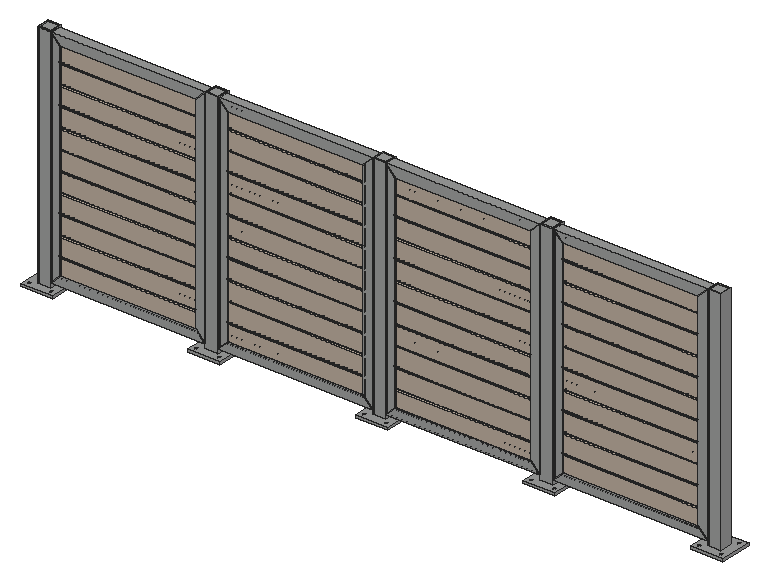
Revit family "Palmshield-Augustus-Solid-Aluminum-Array", category Specialty Equipment, Revit 2025
Family settings
  Round Connector Dimension = Use Diameter
  Part Type = Normal
  OmniClass Number = 23.55.00.00
  OmniClass Title = Manufactured Structures
  Enable Cutting in Views = No
  Cut with Voids When Loaded = No
  Maintain Annotation Orientation = No
  Shared = No
  Room Calculation Point = No
Parameters (values of type "Assembly")
  Warranty URL = "https://palmshieldlouvers.com/wp-content/uploads/2020/01/PalmSHIELD-Warranty-NO-SIGN-LINE.pdf"
  Version = "2020 - v1.0a"  # constant formula
  URL = "https://palmshieldlouvers.com/"
  Type Comments = ""
  Start Post [instance] = yes
  Product Page URL = "https://palmshieldlouvers.com/products/augustus-solid/"
  Product Documentation Link = "https://palmshieldlouvers.com/wp-content/uploads/2020/05/PalmSHIELD-Solid-Composite-Technical-Data-Sheet.pdf"
  Post Finish = Metal - PalmSHIELD - Dusty Grey
  Panel Width [instance] = if(Desired Panel Width > C Max Panel Width, C Max Panel Width, if(Desired Panel Width < C Min Panel Width, C Min Panel Width, Desired Panel Width))  # 4' - 0"
  Panel Height [instance] = if(Desired Panel Height > C Max Panel Height, C Max Panel Height, if(Desired Panel Height < C Min Panel Height, C Min Panel Height, Desired Panel Height))  # 6' - 0"
  Model = "Augustus - Aluminum"  # constant formula
  Manufacturer Phone Number = "531-329-4406 "  # constant formula
  Manufacturer Email = "mailto: info@palmshieldlouvers.com"
  Manufacturer Address = "12330 Cary Circle, La Vista, NE 68128"  # constant formula
  Manufacturer = "PalmSHIELD"  # constant formula
  Louver Finsh = Metal - PalmSHIELD - Grey Beige
  Keynote = "05 10 00"
  Instruction Sheet Link = "https://palmshieldlouvers.com/wp-content/uploads/2020/01/PalmSHIELD-Post-Panel-Gate-Installation-Instructions-REV-1.pdf"
  ID [instance] = "Not Assigned"
  Frame Finish = Metal - PalmSHIELD - Dusty Grey
  Filler Panel [instance] = yes
  End Post [instance] = yes
  Desired Panel Width [instance] = 4' - 0"
  Desired Panel Height [instance] = 6' - 0"
  Real Length [instance] = if([built-in parameter 1001306] < (C Post Width + C Min Panel Width), (C Post Width + C Min Panel Width), [built-in parameter 1001306])  # 17' - 4"
  Description = "Augustus - Aluminum - Panel Assembly"  # constant formula
  built-in parameter 1001306 [instance] = 17' - 4"
  Copyright = "Copyright ©2024 The American Fence Company and PalmSHIELD. All Rights Reserved."  # constant formula
  Component Name [instance] = "Augustus - Aluminum - Panel Assembly"  # constant formula
  C Single Post [instance] = if(C Condition Double, 1 = 1, if(and(End Post, C Condition Single), 1 = 1, 1 = 0))  # no
  C Single Panel [instance] = or(C Condition Double, C Condition Single)  # no
  C Post Width [instance] = 0' - 4"  # constant formula
  C Multiple Post [instance] = (C Condition Multiple)  # yes
  C Multiple Panels [instance] = (C Condition Multiple)  # yes
  C Min Panel Width [instance] = 4' - 0"  # constant formula
  C Min Panel Height [instance] = C Min Panel Width  # 4' - 0"
  C Max Panel Width [instance] = 6' - 0"  # constant formula
  C Max Panel Height [instance] = 8' - 0"  # constant formula
  C Filler Post [instance] = and(not(C Condition Single), Filler Panel, End Post, or(C Filler Panel Width = C Min Panel Width, C Filler Panel Width > C Min Panel Width))  # yes
  C Filler Panel Width Calculated [instance] = Real Length - C Calculated Total Length - Panel Width - C Post Width  # 4' - 0"
  C Filler Panel Width [instance] = if(C Filler Panel Width Calculated < C Min Panel Width, C Min Panel Width, if(C Filler Panel Width Calculated > C Max Panel Width, C Max Panel Width, C Filler Panel Width Calculated))  # 4' - 0"
  C Filler Panel [instance] = and(not(C Condition Single), Filler Panel, or(C Filler Panel Width = C Min Panel Width, C Filler Panel Width > C Min Panel Width))  # yes
  C Condition Single [instance] = C Array Count < 1  # no
  C Condition Multiple [instance] = C Array Count > 1  # yes
  C Condition Double [instance] = C Array Count = 1  # no
  C Complete Post [instance] = and(not(C Condition Single), not(Filler Panel), End Post)  # no
  C Complete Panel [instance] = and(not(C Condition Single), not(Filler Panel))  # no
  C Calculated Total Length [instance] = if(C Array Count < 1, 0' 0", if(C Array Count = 1, C Post Width, Panel Width * (C Array Safe - 1) + C Post Width * (C Array Safe)))  # 9' - 0"
  C Calculated Filler Panel Length [instance] = if(C Array Count < 1, 0' 0", if(or(C Array Count = 2, C Array Count = 1), C Post Width, if(Filler Panel, (C Calculated Total Length - C Post Width - C Filler Panel Width), (C Calculated Total Length - C Post Width - Panel Width))))  # 4' - 8"
  C Array Safe [instance] = if(C Array Count < 2, 2, C Array Count)  # 3
  C Array Count [instance] = if(Filler Panel, roundup(((Real Length - C Min Panel Width) / (Panel Width + C Post Width)) - 1), roundup(((Real Length - (Panel Width)) / (Panel Width + C Post Width)) - 1))  # 3
  Assembly Code = "F1020100"
Reference planes (in)
  plane 1 "Center (Front/Back)": y = 0
  plane 2: z = 0
  plane 3 "Left": x = 0
  plane 4 "Right": x = 208
  plane 5 "Top": z = 72
  plane 6: x = 48
  plane 7: x = 52
  plane 8: x = 100
  plane 9: x = 104
  plane 10: x = -4
  plane 11: x = 156
  plane 12: x = 52
  plane 13: x = 204
  plane 14: x = 204
  plane 15: x = -2
  plane 16: x = 208
  plane 17: x = 206
  plane 18: x = 206
  plane 19: x = 208
  plane 20: x = 50
  plane 21: x = 102
  plane 22: y = -2
  plane 23: y = 2
Lines and regions (in)
  reference lines
    curve 1: line (0, 0, 0) -> (208, 0, 0)
Dimensions and locks (in)
  "built-in parameter 1001306": plane 3 "Left" to plane 4 "Right"
  "Panel Width": plane 6 to plane 3 "Left"
  "C Post Width": plane 7 to plane 6
  "Panel Width": plane 8 to plane 7
  "C Post Width": plane 9 to plane 8
  "C Post Width": plane 3 "Left" to plane 10
  "C Calculated Filler Panel Length": plane 12 to plane 10
  "C Filler Panel Width": plane 13 to plane 11
  "Panel Width": plane 14 to plane 11
  "C Calculated Total Length": plane 11 to plane 6
  equal spacing: plane 10, plane 15, plane 3 "Left"
  equal spacing: plane 16, plane 17, plane 13
  "C Post Width": plane 16 to plane 13
  equal spacing: plane 19, plane 18, plane 14
  "C Post Width": plane 19 to plane 14
  equal spacing: plane 9, plane 21, plane 8
  equal spacing: plane 7, plane 20, plane 6
  equal spacing: plane 22, plane 1 "Center (Front/Back)", plane 23
  "C Post Width": plane 22 to plane 23
  equal spacing: group 1, group 2, group 5  (x3)
  equal spacing: group 3, group 4, group 6  (x3)
  "Panel Height": plane 5 "Top" to level
  aligned and locked: plane 4 "Right" to curve 1
  aligned and locked: plane 1 "Center (Front/Back)" to curve 1
  aligned and locked: plane 3 "Left" to curve 1
  aligned and locked: level to plane 2
  aligned and locked: plane 15 to nested 1
  aligned and locked: nested 1 to plane 1 "Center (Front/Back)"
  aligned and locked: plane 3 "Left" to nested 2
  aligned and locked: nested 3 to plane 13
  aligned and locked: nested 4 to plane 14
  aligned and locked: plane 1 "Center (Front/Back)" to nested 6
  aligned and locked: plane 1 "Center (Front/Back)" to nested 5
  aligned and locked: plane 1 "Center (Front/Back)" to nested 8
  aligned and locked: plane 1 "Center (Front/Back)" to nested 9
  aligned and locked: plane 17 to nested 6
  aligned and locked: plane 18 to nested 5
  aligned and locked: plane 20 to nested 8
  aligned and locked: plane 3 "Left" to nested 7
  aligned and locked: nested 7 to plane 22
  aligned and locked: plane 22 to nested 4
  aligned and locked: plane 22 to nested 3
  aligned and locked: nested 2 to plane 22
  aligned and locked: plane 20 to nested 9
  aligned and locked: plane 22 to nested 10
  aligned and locked: plane 7 to nested 10
  aligned and locked: plane 21 to nested 11
  aligned and locked: plane 1 "Center (Front/Back)" to nested 11
Nested families (in)
  nested 1: "Screening-Louver-Assembly-Post-Palmshield-Augustus-Aluminum" at (-2, 0, 0), Desired Overall Height <- "Panel Height", visible <- "Start Post", Component Vis <- "Start Post", ID <- "ID", type "Assembly"
    with ID "Not Assigned", Height 6' - 0", Desired Overall Height 6' - 0", Component Vis yes, Component Name "Augustus - Aluminum - Square Post", C Min Height 3' - 4", C Max Height 8' - 0"
  nested 2: "Screening-Louver-Assembly-Panel-Palmshield-Augustus-Aluminum" at (0, -2, 0), Desired Overall Height <- "Panel Height", Desired Overall Width <- "Panel Width", visible <- "C Single Panel", Component Vis <- "C Single Panel", ID <- "ID", type "Assembly"
    with Width 4' - 0", ID "Not Assigned", Height 6' - 0", Desired Overall Width 4' - 0", Desired Overall Height 6' - 0", Desired Bottom Angle 0.00°, Component Vis no, Component Name "Augustus - Aluminum - Panel Assembly", C Min Width 4' - 0", C Min Height 4' - 0", C Max Width 6' - 0", C Max Height 8' - 0", C Angle 0.00°
  nested 3: "Screening-Louver-Assembly-Panel-Palmshield-Augustus-Aluminum" at (156, -2, 0), Desired Overall Height <- "Panel Height", Desired Overall Width <- "C Filler Panel Width", visible <- "C Filler Panel", Component Vis <- "C Filler Panel", ID <- "ID", type "Assembly"
    with Width 4' - 0", ID "Not Assigned", Height 6' - 0", Desired Overall Width 4' - 0", Desired Overall Height 6' - 0", Desired Bottom Angle 0.00°, Component Vis yes, Component Name "Augustus - Aluminum - Panel Assembly", C Min Width 4' - 0", C Min Height 4' - 0", C Max Width 6' - 0", C Max Height 8' - 0", C Angle 0.00°
  nested 4: "Screening-Louver-Assembly-Panel-Palmshield-Augustus-Aluminum" at (156, -2, 0), Desired Overall Height <- "Panel Height", Desired Overall Width <- "Panel Width", visible <- "C Complete Panel", Component Vis <- "C Complete Panel", ID <- "ID", type "Assembly"
    with Width 4' - 0", ID "Not Assigned", Height 6' - 0", Desired Overall Width 4' - 0", Desired Overall Height 6' - 0", Desired Bottom Angle 0.00°, Component Vis no, Component Name "Augustus - Aluminum - Panel Assembly", C Min Width 4' - 0", C Min Height 4' - 0", C Max Width 6' - 0", C Max Height 8' - 0", C Angle 0.00°
  nested 5: "Screening-Louver-Assembly-Post-Palmshield-Augustus-Aluminum" at (206, 0, 0), Desired Overall Height <- "Panel Height", visible <- "C Complete Post", Component Vis <- "C Complete Post", ID <- "ID", type "Assembly"
    with ID "Not Assigned", Height 6' - 0", Desired Overall Height 6' - 0", Component Vis no, Component Name "Augustus - Aluminum - Square Post", C Min Height 3' - 4", C Max Height 8' - 0"
  nested 6: "Screening-Louver-Assembly-Post-Palmshield-Augustus-Aluminum" at (206, 0, 0), Desired Overall Height <- "Panel Height", visible <- "C Filler Post", Component Vis <- "C Filler Post", ID <- "ID", type "Assembly"
    with ID "Not Assigned", Height 6' - 0", Desired Overall Height 6' - 0", Component Vis yes, Component Name "Augustus - Aluminum - Square Post", C Min Height 3' - 4", C Max Height 8' - 0"
  nested 7: "Screening-Louver-Assembly-Panel-Palmshield-Augustus-Aluminum" at (0, -2, 0), Desired Overall Height <- "Panel Height", Desired Overall Width <- "Panel Width", visible <- "C Multiple Panels", Component Vis <- "C Multiple Panels", ID <- "ID", type "Assembly"
    with Width 4' - 0", ID "Not Assigned", Height 6' - 0", Desired Overall Width 4' - 0", Desired Overall Height 6' - 0", Desired Bottom Angle 0.00°, Component Vis yes, Component Name "Augustus - Aluminum - Panel Assembly", C Min Width 4' - 0", C Min Height 4' - 0", C Max Width 6' - 0", C Max Height 8' - 0", C Angle 0.00°
  nested 8: "Screening-Louver-Assembly-Post-Palmshield-Augustus-Aluminum" at (50, 0, 0), Desired Overall Height <- "Panel Height", visible <- "C Multiple Post", Component Vis <- "C Multiple Post", ID <- "ID", type "Assembly"
    with ID "Not Assigned", Height 6' - 0", Desired Overall Height 6' - 0", Component Vis yes, Component Name "Augustus - Aluminum - Square Post", C Min Height 3' - 4", C Max Height 8' - 0"
  nested 9: "Screening-Louver-Assembly-Post-Palmshield-Augustus-Aluminum" at (50, 0, 0), Desired Overall Height <- "Panel Height", visible <- "C Single Post", Component Vis <- "C Single Post", ID <- "ID", type "Assembly"
    with ID "Not Assigned", Height 6' - 0", Desired Overall Height 6' - 0", Component Vis no, Component Name "Augustus - Aluminum - Square Post", C Min Height 3' - 4", C Max Height 8' - 0"
  nested 10: "Screening-Louver-Assembly-Panel-Palmshield-Augustus-Aluminum" at (52, -2, 0), Desired Overall Height <- "Panel Height", Desired Overall Width <- "Panel Width", visible <- "C Multiple Panels", Component Vis <- "C Multiple Panels", ID <- "ID", type "Assembly"
    with Width 4' - 0", ID "Not Assigned", Height 6' - 0", Desired Overall Width 4' - 0", Desired Overall Height 6' - 0", Desired Bottom Angle 0.00°, Component Vis yes, Component Name "Augustus - Aluminum - Panel Assembly", C Min Width 4' - 0", C Min Height 4' - 0", C Max Width 6' - 0", C Max Height 8' - 0", C Angle 0.00°
  nested 11: "Screening-Louver-Assembly-Post-Palmshield-Augustus-Aluminum" at (102, 0, 0), Desired Overall Height <- "Panel Height", visible <- "C Multiple Post", Component Vis <- "C Multiple Post", ID <- "ID", type "Assembly"
    with ID "Not Assigned", Height 6' - 0", Desired Overall Height 6' - 0", Component Vis yes, Component Name "Augustus - Aluminum - Square Post", C Min Height 3' - 4", C Max Height 8' - 0"
  nested 12: "Nested-L_Frame-Palmshield-Augustus" at (52, -2, 72) x (0, 1, 0) z (1, 0, 0), type "ALUM L 3" X 3" X 1/4""
    with Material Metal - PalmSHIELD - Dusty Grey, Length 5' - 10", ID "Not Assigned", Component Name "Augustus - Aluminum - L Frame", B-Side Cut Angle 45.00°, A-Side Cut Angle 45.00°
  nested 13: "Nested-L_Frame-Palmshield-Augustus" at (100, -2, 2) x (0, 1, 0) z (-1, 0, 0), type "ALUM L 3" X 3" X 1/4""
    with Material Metal - PalmSHIELD - Dusty Grey, Length 5' - 10", ID "Not Assigned", Component Name "Augustus - Aluminum - L Frame", B-Side Cut Angle 45.00°, A-Side Cut Angle 45.00°
  nested 14: "Nested-L_Frame-Palmshield-Augustus" at (100, -2, 72) x (0, 1, 0) z (0, 0, -1), type "ALUM L 3" X 3" X 1/4""
    with Material Metal - PalmSHIELD - Dusty Grey, Length 4' - 0", ID "Not Assigned", Component Name "Augustus - Aluminum - L Frame", B-Side Cut Angle 45.00°, A-Side Cut Angle 45.00°
  nested 15: "Nested-L_Frame-Palmshield-Augustus" at (52, -2, 2) x (0, 1, 0) z (0, 0, 1), type "ALUM L 3" X 3" X 1/4""
    with Material Metal - PalmSHIELD - Dusty Grey, Length 4' - 0", ID "Not Assigned", Component Name "Augustus - Aluminum - L Frame", B-Side Cut Angle 45.00°, A-Side Cut Angle 45.00°
  nested 16: "Nested-Louvers-Palmshield-Augustus-Aluminum" at (54.5, -0.812, 10.25) x (0, -1, 0) z (1, 0, 0), type "6" TONGUE AND GROOVE INFILL SLATS"
    with Material Metal - PalmSHIELD - Grey Beige, Length 3' - 7", ID "Not Assigned", Component Name "Augustus - Aluminum - Infill Slat"
  nested 17: "Nested-Louvers-Palmshield-Augustus-Aluminum" at (54.5, -0.812, 28.25) x (0, -1, 0) z (1, 0, 0), type "6" TONGUE AND GROOVE INFILL SLATS"
    with Material Metal - PalmSHIELD - Grey Beige, Length 3' - 7", ID "Not Assigned", Component Name "Augustus - Aluminum - Infill Slat"
  nested 18: "Nested-Louvers-Palmshield-Augustus-Aluminum" at (54.5, -0.812, 34.25) x (0, -1, 0) z (1, 0, 0), type "6" TONGUE AND GROOVE INFILL SLATS"
    with Material Metal - PalmSHIELD - Grey Beige, Length 3' - 7", ID "Not Assigned", Component Name "Augustus - Aluminum - Infill Slat"
  nested 19: "Nested-Louvers-Palmshield-Augustus-Aluminum" at (54.5, -0.812, 40.25) x (0, -1, 0) z (1, 0, 0), type "6" TONGUE AND GROOVE INFILL SLATS"
    with Material Metal - PalmSHIELD - Grey Beige, Length 3' - 7", ID "Not Assigned", Component Name "Augustus - Aluminum - Infill Slat"
  nested 20: "Nested-Louvers-Palmshield-Augustus-Aluminum" at (54.5, -0.812, 46.25) x (0, -1, 0) z (1, 0, 0), type "6" TONGUE AND GROOVE INFILL SLATS"
    with Material Metal - PalmSHIELD - Grey Beige, Length 3' - 7", ID "Not Assigned", Component Name "Augustus - Aluminum - Infill Slat"
  nested 21: "Nested-Louvers-Palmshield-Augustus-Aluminum" at (54.5, -0.812, 52.25) x (0, -1, 0) z (1, 0, 0), type "6" TONGUE AND GROOVE INFILL SLATS"
    with Material Metal - PalmSHIELD - Grey Beige, Length 3' - 7", ID "Not Assigned", Component Name "Augustus - Aluminum - Infill Slat"
  nested 22: "Nested-Louvers-Palmshield-Augustus-Aluminum" at (54.5, -0.812, 58.25) x (0, -1, 0) z (1, 0, 0), type "6" TONGUE AND GROOVE INFILL SLATS"
    with Material Metal - PalmSHIELD - Grey Beige, Length 3' - 7", ID "Not Assigned", Component Name "Augustus - Aluminum - Infill Slat"
  nested 23: "Nested-Louvers-Palmshield-Augustus-Aluminum" at (54.5, -0.812, 64.25) x (0, -1, 0) z (1, 0, 0), type "6" TONGUE AND GROOVE INFILL SLATS"
    with Material Metal - PalmSHIELD - Grey Beige, Length 3' - 7", ID "Not Assigned", Component Name "Augustus - Aluminum - Infill Slat"
  nested 24: "Nested-Louvers-Palmshield-Augustus-Aluminum" at (54.5, -0.812, 70.25) x (0, -1, 0) z (1, 0, 0), type "6" TONGUE AND GROOVE INFILL SLATS"
    with Material Metal - PalmSHIELD - Grey Beige, Length 3' - 7", ID "Not Assigned", Component Name "Augustus - Aluminum - Infill Slat"
  nested 25: "Nested-Louvers-Palmshield-Augustus-Aluminum" at (54.5, -0.812, 16.25) x (0, -1, 0) z (1, 0, 0), type "6" TONGUE AND GROOVE INFILL SLATS"
    with Material Metal - PalmSHIELD - Grey Beige, Length 3' - 7", ID "Not Assigned", Component Name "Augustus - Aluminum - Infill Slat"
  nested 26: "Nested-Louvers-Palmshield-Augustus-Aluminum" at (54.5, -0.812, 22.25) x (0, -1, 0) z (1, 0, 0), type "6" TONGUE AND GROOVE INFILL SLATS"
    with Material Metal - PalmSHIELD - Grey Beige, Length 3' - 7", ID "Not Assigned", Component Name "Augustus - Aluminum - Infill Slat"
  nested 27: "Nested-Base_Plate-Palmshield-Augustus" at (102, 0, 0), type "10" x 10" x 3/4""
    with Material Metal - PalmSHIELD - Dusty Grey, ID "Not Assigned", Component Name "Augustus - Aluminum - Base Plate"
  nested 28: "Nested-Square_Post-Palmshield-Augustus" at (102, 0, 0.75), type "4" x 4" x 1/4""
    with Material Metal - PalmSHIELD - Dusty Grey, Length 5' - 11 1/4", ID "Not Assigned", Component Name "Augustus - Aluminum - Post"
  nested 29: "Nested-Top_Cap-Palmshield-Augustus" at (102, 0, 72) x (1, 0, 0) z (0, 0, -1), type "4" x 4" x 1/4""
    with Material Metal - PalmSHIELD - Dusty Grey, ID "Not Assigned", Component Name "Augustus - Aluminum - Top Cap"
  nested 30: "Nested-Base_Plate-Palmshield-Augustus" at (50, 0, 0), type "10" x 10" x 3/4""
    with Material Metal - PalmSHIELD - Dusty Grey, ID "Not Assigned", Component Name "Augustus - Aluminum - Base Plate"
  nested 31: "Nested-Square_Post-Palmshield-Augustus" at (50, 0, 0.75), type "4" x 4" x 1/4""
    with Material Metal - PalmSHIELD - Dusty Grey, Length 5' - 11 1/4", ID "Not Assigned", Component Name "Augustus - Aluminum - Post"
  nested 32: "Nested-Top_Cap-Palmshield-Augustus" at (50, 0, 72) x (1, 0, 0) z (0, 0, -1), type "4" x 4" x 1/4""
    with Material Metal - PalmSHIELD - Dusty Grey, ID "Not Assigned", Component Name "Augustus - Aluminum - Top Cap"
  nested 33: "Nested-L_Frame-Palmshield-Augustus" at (0, -2, 72) x (0, 1, 0) z (1, 0, 0), type "ALUM L 3" X 3" X 1/4""
    with Material Metal - PalmSHIELD - Dusty Grey, Length 5' - 10", ID "Not Assigned", Component Name "Augustus - Aluminum - L Frame", B-Side Cut Angle 45.00°, A-Side Cut Angle 45.00°
  nested 34: "Nested-L_Frame-Palmshield-Augustus" at (48, -2, 2) x (0, 1, 0) z (-1, 0, 0), type "ALUM L 3" X 3" X 1/4""
    with Material Metal - PalmSHIELD - Dusty Grey, Length 5' - 10", ID "Not Assigned", Component Name "Augustus - Aluminum - L Frame", B-Side Cut Angle 45.00°, A-Side Cut Angle 45.00°
  nested 35: "Nested-L_Frame-Palmshield-Augustus" at (48, -2, 72) x (0, 1, 0) z (0, 0, -1), type "ALUM L 3" X 3" X 1/4""
    with Material Metal - PalmSHIELD - Dusty Grey, Length 4' - 0", ID "Not Assigned", Component Name "Augustus - Aluminum - L Frame", B-Side Cut Angle 45.00°, A-Side Cut Angle 45.00°
  nested 36: "Nested-L_Frame-Palmshield-Augustus" at (0, -2, 2) x (0, 1, 0) z (0, 0, 1), type "ALUM L 3" X 3" X 1/4""
    with Material Metal - PalmSHIELD - Dusty Grey, Length 4' - 0", ID "Not Assigned", Component Name "Augustus - Aluminum - L Frame", B-Side Cut Angle 45.00°, A-Side Cut Angle 45.00°
  nested 37: "Nested-Louvers-Palmshield-Augustus-Aluminum" at (2.5, -0.812, 10.25) x (0, -1, 0) z (1, 0, 0), type "6" TONGUE AND GROOVE INFILL SLATS"
    with Material Metal - PalmSHIELD - Grey Beige, Length 3' - 7", ID "Not Assigned", Component Name "Augustus - Aluminum - Infill Slat"
  nested 38: "Nested-Louvers-Palmshield-Augustus-Aluminum" at (2.5, -0.812, 28.25) x (0, -1, 0) z (1, 0, 0), type "6" TONGUE AND GROOVE INFILL SLATS"
    with Material Metal - PalmSHIELD - Grey Beige, Length 3' - 7", ID "Not Assigned", Component Name "Augustus - Aluminum - Infill Slat"
  nested 39: "Nested-Louvers-Palmshield-Augustus-Aluminum" at (2.5, -0.812, 34.25) x (0, -1, 0) z (1, 0, 0), type "6" TONGUE AND GROOVE INFILL SLATS"
    with Material Metal - PalmSHIELD - Grey Beige, Length 3' - 7", ID "Not Assigned", Component Name "Augustus - Aluminum - Infill Slat"
  nested 40: "Nested-Louvers-Palmshield-Augustus-Aluminum" at (2.5, -0.812, 40.25) x (0, -1, 0) z (1, 0, 0), type "6" TONGUE AND GROOVE INFILL SLATS"
    with Material Metal - PalmSHIELD - Grey Beige, Length 3' - 7", ID "Not Assigned", Component Name "Augustus - Aluminum - Infill Slat"
  nested 41: "Nested-Louvers-Palmshield-Augustus-Aluminum" at (2.5, -0.812, 46.25) x (0, -1, 0) z (1, 0, 0), type "6" TONGUE AND GROOVE INFILL SLATS"
    with Material Metal - PalmSHIELD - Grey Beige, Length 3' - 7", ID "Not Assigned", Component Name "Augustus - Aluminum - Infill Slat"
  nested 42: "Nested-Louvers-Palmshield-Augustus-Aluminum" at (2.5, -0.812, 52.25) x (0, -1, 0) z (1, 0, 0), type "6" TONGUE AND GROOVE INFILL SLATS"
    with Material Metal - PalmSHIELD - Grey Beige, Length 3' - 7", ID "Not Assigned", Component Name "Augustus - Aluminum - Infill Slat"
  nested 43: "Nested-Louvers-Palmshield-Augustus-Aluminum" at (2.5, -0.812, 58.25) x (0, -1, 0) z (1, 0, 0), type "6" TONGUE AND GROOVE INFILL SLATS"
    with Material Metal - PalmSHIELD - Grey Beige, Length 3' - 7", ID "Not Assigned", Component Name "Augustus - Aluminum - Infill Slat"
  nested 44: "Nested-Louvers-Palmshield-Augustus-Aluminum" at (2.5, -0.812, 64.25) x (0, -1, 0) z (1, 0, 0), type "6" TONGUE AND GROOVE INFILL SLATS"
    with Material Metal - PalmSHIELD - Grey Beige, Length 3' - 7", ID "Not Assigned", Component Name "Augustus - Aluminum - Infill Slat"
  nested 45: "Nested-Louvers-Palmshield-Augustus-Aluminum" at (2.5, -0.812, 70.25) x (0, -1, 0) z (1, 0, 0), type "6" TONGUE AND GROOVE INFILL SLATS"
    with Material Metal - PalmSHIELD - Grey Beige, Length 3' - 7", ID "Not Assigned", Component Name "Augustus - Aluminum - Infill Slat"
  nested 46: "Nested-Louvers-Palmshield-Augustus-Aluminum" at (2.5, -0.812, 16.25) x (0, -1, 0) z (1, 0, 0), type "6" TONGUE AND GROOVE INFILL SLATS"
    with Material Metal - PalmSHIELD - Grey Beige, Length 3' - 7", ID "Not Assigned", Component Name "Augustus - Aluminum - Infill Slat"
  nested 47: "Nested-Louvers-Palmshield-Augustus-Aluminum" at (2.5, -0.812, 22.25) x (0, -1, 0) z (1, 0, 0), type "6" TONGUE AND GROOVE INFILL SLATS"
    with Material Metal - PalmSHIELD - Grey Beige, Length 3' - 7", ID "Not Assigned", Component Name "Augustus - Aluminum - Infill Slat"
  nested 48: "Screening-Louver-Assembly-Panel-Palmshield-Augustus-Aluminum" at (104, -2, 0), Desired Overall Height <- "Panel Height", Desired Overall Width <- "Panel Width", visible <- "C Multiple Panels", Component Vis <- "C Multiple Panels", ID <- "ID", type "Assembly"
    with Width 4' - 0", ID "Not Assigned", Height 6' - 0", Desired Overall Width 4' - 0", Desired Overall Height 6' - 0", Desired Bottom Angle 0.00°, Component Vis yes, Component Name "Augustus - Aluminum - Panel Assembly", C Min Width 4' - 0", C Min Height 4' - 0", C Max Width 6' - 0", C Max Height 8' - 0", C Angle 0.00°
  nested 49: "Nested-L_Frame-Palmshield-Augustus" at (104, -2, 72) x (0, 1, 0) z (1, 0, 0), type "ALUM L 3" X 3" X 1/4""
    with Material Metal - PalmSHIELD - Dusty Grey, Length 5' - 10", ID "Not Assigned", Component Name "Augustus - Aluminum - L Frame", B-Side Cut Angle 45.00°, A-Side Cut Angle 45.00°
  nested 50: "Nested-L_Frame-Palmshield-Augustus" at (152, -2, 2) x (0, 1, 0) z (-1, 0, 0), type "ALUM L 3" X 3" X 1/4""
    with Material Metal - PalmSHIELD - Dusty Grey, Length 5' - 10", ID "Not Assigned", Component Name "Augustus - Aluminum - L Frame", B-Side Cut Angle 45.00°, A-Side Cut Angle 45.00°
  nested 51: "Nested-L_Frame-Palmshield-Augustus" at (152, -2, 72) x (0, 1, 0) z (0, 0, -1), type "ALUM L 3" X 3" X 1/4""
    with Material Metal - PalmSHIELD - Dusty Grey, Length 4' - 0", ID "Not Assigned", Component Name "Augustus - Aluminum - L Frame", B-Side Cut Angle 45.00°, A-Side Cut Angle 45.00°
  nested 52: "Nested-L_Frame-Palmshield-Augustus" at (104, -2, 2) x (0, 1, 0) z (0, 0, 1), type "ALUM L 3" X 3" X 1/4""
    with Material Metal - PalmSHIELD - Dusty Grey, Length 4' - 0", ID "Not Assigned", Component Name "Augustus - Aluminum - L Frame", B-Side Cut Angle 45.00°, A-Side Cut Angle 45.00°
  nested 53: "Nested-Louvers-Palmshield-Augustus-Aluminum" at (106.5, -0.812, 10.25) x (0, -1, 0) z (1, 0, 0), type "6" TONGUE AND GROOVE INFILL SLATS"
    with Material Metal - PalmSHIELD - Grey Beige, Length 3' - 7", ID "Not Assigned", Component Name "Augustus - Aluminum - Infill Slat"
  nested 54: "Nested-Louvers-Palmshield-Augustus-Aluminum" at (106.5, -0.812, 28.25) x (0, -1, 0) z (1, 0, 0), type "6" TONGUE AND GROOVE INFILL SLATS"
    with Material Metal - PalmSHIELD - Grey Beige, Length 3' - 7", ID "Not Assigned", Component Name "Augustus - Aluminum - Infill Slat"
  nested 55: "Nested-Louvers-Palmshield-Augustus-Aluminum" at (106.5, -0.812, 34.25) x (0, -1, 0) z (1, 0, 0), type "6" TONGUE AND GROOVE INFILL SLATS"
    with Material Metal - PalmSHIELD - Grey Beige, Length 3' - 7", ID "Not Assigned", Component Name "Augustus - Aluminum - Infill Slat"
  nested 56: "Nested-Louvers-Palmshield-Augustus-Aluminum" at (106.5, -0.812, 40.25) x (0, -1, 0) z (1, 0, 0), type "6" TONGUE AND GROOVE INFILL SLATS"
    with Material Metal - PalmSHIELD - Grey Beige, Length 3' - 7", ID "Not Assigned", Component Name "Augustus - Aluminum - Infill Slat"
  nested 57: "Nested-Louvers-Palmshield-Augustus-Aluminum" at (106.5, -0.812, 46.25) x (0, -1, 0) z (1, 0, 0), type "6" TONGUE AND GROOVE INFILL SLATS"
    with Material Metal - PalmSHIELD - Grey Beige, Length 3' - 7", ID "Not Assigned", Component Name "Augustus - Aluminum - Infill Slat"
  nested 58: "Nested-Louvers-Palmshield-Augustus-Aluminum" at (106.5, -0.812, 52.25) x (0, -1, 0) z (1, 0, 0), type "6" TONGUE AND GROOVE INFILL SLATS"
    with Material Metal - PalmSHIELD - Grey Beige, Length 3' - 7", ID "Not Assigned", Component Name "Augustus - Aluminum - Infill Slat"
  nested 59: "Nested-Louvers-Palmshield-Augustus-Aluminum" at (106.5, -0.812, 58.25) x (0, -1, 0) z (1, 0, 0), type "6" TONGUE AND GROOVE INFILL SLATS"
    with Material Metal - PalmSHIELD - Grey Beige, Length 3' - 7", ID "Not Assigned", Component Name "Augustus - Aluminum - Infill Slat"
  nested 60: "Nested-Louvers-Palmshield-Augustus-Aluminum" at (106.5, -0.812, 64.25) x (0, -1, 0) z (1, 0, 0), type "6" TONGUE AND GROOVE INFILL SLATS"
    with Material Metal - PalmSHIELD - Grey Beige, Length 3' - 7", ID "Not Assigned", Component Name "Augustus - Aluminum - Infill Slat"
  nested 61: "Nested-Louvers-Palmshield-Augustus-Aluminum" at (106.5, -0.812, 70.25) x (0, -1, 0) z (1, 0, 0), type "6" TONGUE AND GROOVE INFILL SLATS"
    with Material Metal - PalmSHIELD - Grey Beige, Length 3' - 7", ID "Not Assigned", Component Name "Augustus - Aluminum - Infill Slat"
  nested 62: "Nested-Louvers-Palmshield-Augustus-Aluminum" at (106.5, -0.812, 16.25) x (0, -1, 0) z (1, 0, 0), type "6" TONGUE AND GROOVE INFILL SLATS"
    with Material Metal - PalmSHIELD - Grey Beige, Length 3' - 7", ID "Not Assigned", Component Name "Augustus - Aluminum - Infill Slat"
  nested 63: "Nested-Louvers-Palmshield-Augustus-Aluminum" at (106.5, -0.812, 22.25) x (0, -1, 0) z (1, 0, 0), type "6" TONGUE AND GROOVE INFILL SLATS"
    with Material Metal - PalmSHIELD - Grey Beige, Length 3' - 7", ID "Not Assigned", Component Name "Augustus - Aluminum - Infill Slat"
  nested 64: "Screening-Louver-Assembly-Post-Palmshield-Augustus-Aluminum" at (154, 0, 0), Desired Overall Height <- "Panel Height", visible <- "C Multiple Post", Component Vis <- "C Multiple Post", ID <- "ID", type "Assembly"
    with ID "Not Assigned", Height 6' - 0", Desired Overall Height 6' - 0", Component Vis yes, Component Name "Augustus - Aluminum - Square Post", C Min Height 3' - 4", C Max Height 8' - 0"
  nested 65: "Nested-Base_Plate-Palmshield-Augustus" at (154, 0, 0), type "10" x 10" x 3/4""
    with Material Metal - PalmSHIELD - Dusty Grey, ID "Not Assigned", Component Name "Augustus - Aluminum - Base Plate"
  nested 66: "Nested-Square_Post-Palmshield-Augustus" at (154, 0, 0.75), type "4" x 4" x 1/4""
    with Material Metal - PalmSHIELD - Dusty Grey, Length 5' - 11 1/4", ID "Not Assigned", Component Name "Augustus - Aluminum - Post"
  nested 67: "Nested-Top_Cap-Palmshield-Augustus" at (154, 0, 72) x (1, 0, 0) z (0, 0, -1), type "4" x 4" x 1/4""
    with Material Metal - PalmSHIELD - Dusty Grey, ID "Not Assigned", Component Name "Augustus - Aluminum - Top Cap"
  nested 68: "Nested-L_Frame-Palmshield-Augustus" at (156, -2, 72) x (0, 1, 0) z (1, 0, 0), type "ALUM L 3" X 3" X 1/4""
    with Material Metal - PalmSHIELD - Dusty Grey, Length 5' - 10", ID "Not Assigned", Component Name "Augustus - Aluminum - L Frame", B-Side Cut Angle 45.00°, A-Side Cut Angle 45.00°
  nested 69: "Nested-L_Frame-Palmshield-Augustus" at (204, -2, 2) x (0, 1, 0) z (-1, 0, 0), type "ALUM L 3" X 3" X 1/4""
    with Material Metal - PalmSHIELD - Dusty Grey, Length 5' - 10", ID "Not Assigned", Component Name "Augustus - Aluminum - L Frame", B-Side Cut Angle 45.00°, A-Side Cut Angle 45.00°
  nested 70: "Nested-L_Frame-Palmshield-Augustus" at (204, -2, 72) x (0, 1, 0) z (0, 0, -1), type "ALUM L 3" X 3" X 1/4""
    with Material Metal - PalmSHIELD - Dusty Grey, Length 4' - 0", ID "Not Assigned", Component Name "Augustus - Aluminum - L Frame", B-Side Cut Angle 45.00°, A-Side Cut Angle 45.00°
  nested 71: "Nested-L_Frame-Palmshield-Augustus" at (156, -2, 2) x (0, 1, 0) z (0, 0, 1), type "ALUM L 3" X 3" X 1/4""
    with Material Metal - PalmSHIELD - Dusty Grey, Length 4' - 0", ID "Not Assigned", Component Name "Augustus - Aluminum - L Frame", B-Side Cut Angle 45.00°, A-Side Cut Angle 45.00°
  nested 72: "Nested-Louvers-Palmshield-Augustus-Aluminum" at (158.5, -0.812, 10.25) x (0, -1, 0) z (1, 0, 0), type "6" TONGUE AND GROOVE INFILL SLATS"
    with Material Metal - PalmSHIELD - Grey Beige, Length 3' - 7", ID "Not Assigned", Component Name "Augustus - Aluminum - Infill Slat"
  nested 73: "Nested-Louvers-Palmshield-Augustus-Aluminum" at (158.5, -0.812, 28.25) x (0, -1, 0) z (1, 0, 0), type "6" TONGUE AND GROOVE INFILL SLATS"
    with Material Metal - PalmSHIELD - Grey Beige, Length 3' - 7", ID "Not Assigned", Component Name "Augustus - Aluminum - Infill Slat"
  nested 74: "Nested-Louvers-Palmshield-Augustus-Aluminum" at (158.5, -0.812, 34.25) x (0, -1, 0) z (1, 0, 0), type "6" TONGUE AND GROOVE INFILL SLATS"
    with Material Metal - PalmSHIELD - Grey Beige, Length 3' - 7", ID "Not Assigned", Component Name "Augustus - Aluminum - Infill Slat"
  nested 75: "Nested-Louvers-Palmshield-Augustus-Aluminum" at (158.5, -0.812, 40.25) x (0, -1, 0) z (1, 0, 0), type "6" TONGUE AND GROOVE INFILL SLATS"
    with Material Metal - PalmSHIELD - Grey Beige, Length 3' - 7", ID "Not Assigned", Component Name "Augustus - Aluminum - Infill Slat"
  nested 76: "Nested-Louvers-Palmshield-Augustus-Aluminum" at (158.5, -0.812, 46.25) x (0, -1, 0) z (1, 0, 0), type "6" TONGUE AND GROOVE INFILL SLATS"
    with Material Metal - PalmSHIELD - Grey Beige, Length 3' - 7", ID "Not Assigned", Component Name "Augustus - Aluminum - Infill Slat"
  nested 77: "Nested-Louvers-Palmshield-Augustus-Aluminum" at (158.5, -0.812, 52.25) x (0, -1, 0) z (1, 0, 0), type "6" TONGUE AND GROOVE INFILL SLATS"
    with Material Metal - PalmSHIELD - Grey Beige, Length 3' - 7", ID "Not Assigned", Component Name "Augustus - Aluminum - Infill Slat"
  nested 78: "Nested-Louvers-Palmshield-Augustus-Aluminum" at (158.5, -0.812, 58.25) x (0, -1, 0) z (1, 0, 0), type "6" TONGUE AND GROOVE INFILL SLATS"
    with Material Metal - PalmSHIELD - Grey Beige, Length 3' - 7", ID "Not Assigned", Component Name "Augustus - Aluminum - Infill Slat"
  nested 79: "Nested-Louvers-Palmshield-Augustus-Aluminum" at (158.5, -0.812, 64.25) x (0, -1, 0) z (1, 0, 0), type "6" TONGUE AND GROOVE INFILL SLATS"
    with Material Metal - PalmSHIELD - Grey Beige, Length 3' - 7", ID "Not Assigned", Component Name "Augustus - Aluminum - Infill Slat"
  nested 80: "Nested-Louvers-Palmshield-Augustus-Aluminum" at (158.5, -0.812, 70.25) x (0, -1, 0) z (1, 0, 0), type "6" TONGUE AND GROOVE INFILL SLATS"
    with Material Metal - PalmSHIELD - Grey Beige, Length 3' - 7", ID "Not Assigned", Component Name "Augustus - Aluminum - Infill Slat"
  nested 81: "Nested-Louvers-Palmshield-Augustus-Aluminum" at (158.5, -0.812, 16.25) x (0, -1, 0) z (1, 0, 0), type "6" TONGUE AND GROOVE INFILL SLATS"
    with Material Metal - PalmSHIELD - Grey Beige, Length 3' - 7", ID "Not Assigned", Component Name "Augustus - Aluminum - Infill Slat"
  nested 82: "Nested-Louvers-Palmshield-Augustus-Aluminum" at (158.5, -0.812, 22.25) x (0, -1, 0) z (1, 0, 0), type "6" TONGUE AND GROOVE INFILL SLATS"
    with Material Metal - PalmSHIELD - Grey Beige, Length 3' - 7", ID "Not Assigned", Component Name "Augustus - Aluminum - Infill Slat"
  nested 83: "Nested-Base_Plate-Palmshield-Augustus" at (206, 0, 0), type "10" x 10" x 3/4""
    with Material Metal - PalmSHIELD - Dusty Grey, ID "Not Assigned", Component Name "Augustus - Aluminum - Base Plate"
  nested 84: "Nested-Square_Post-Palmshield-Augustus" at (206, 0, 0.75), type "4" x 4" x 1/4""
    with Material Metal - PalmSHIELD - Dusty Grey, Length 5' - 11 1/4", ID "Not Assigned", Component Name "Augustus - Aluminum - Post"
  nested 85: "Nested-Top_Cap-Palmshield-Augustus" at (206, 0, 72) x (1, 0, 0) z (0, 0, -1), type "4" x 4" x 1/4""
    with Material Metal - PalmSHIELD - Dusty Grey, ID "Not Assigned", Component Name "Augustus - Aluminum - Top Cap"
  nested 86: "Nested-Base_Plate-Palmshield-Augustus" at (-2, 0, 0), type "10" x 10" x 3/4""
    with Material Metal - PalmSHIELD - Dusty Grey, ID "Not Assigned", Component Name "Augustus - Aluminum - Base Plate"
  nested 87: "Nested-Square_Post-Palmshield-Augustus" at (-2, 0, 0.75), type "4" x 4" x 1/4""
    with Material Metal - PalmSHIELD - Dusty Grey, Length 5' - 11 1/4", ID "Not Assigned", Component Name "Augustus - Aluminum - Post"
  nested 88: "Nested-Top_Cap-Palmshield-Augustus" at (-2, 0, 72) x (1, 0, 0) z (0, 0, -1), type "4" x 4" x 1/4""
    with Material Metal - PalmSHIELD - Dusty Grey, ID "Not Assigned", Component Name "Augustus - Aluminum - Top Cap"
Definition of nested family "Nested-L_Frame-Palmshield-Augustus"
  Parameters (values of type "ALUM L 3" X 3" X 1/4"")
    Width = 0' - 3"  # constant formula
    Warranty URL = "https://palmshieldlouvers.com/wp-content/uploads/2020/01/PalmSHIELD-Warranty-NO-SIGN-LINE.pdf"
    Version = "2020 - v1.0a"  # constant formula
    URL = "https://palmshieldlouvers.com/"
    Thickness = 0' - 0 1/4"  # constant formula
    Product Page URL = "https://palmshieldlouvers.com/products/semi-private-screening/"
    Product Documentation Link = "Contact Manufacturer for More Information"
    Model = "Augustus"  # constant formula
    Material [instance] = none
    Manufacturer Phone Number = "531-329-4406 "  # constant formula
    Manufacturer Fax Number = "Consult Manufacturer Website for More Information"  # constant formula
    Manufacturer Email = "mailto: info@palmshieldlouvers.com"
    Manufacturer Address = "12330 Cary Circle, La Vista, NE 68128"  # constant formula
    Manufacturer = "PalmSHIELD"  # constant formula
    Length [instance] = 4' - 4.86713"
    Keynote = "05 10 00"
    Instruction Sheet Link = "Contact Manufacturer for More Information"
    ID [instance] = ""
    Description = "Augustus - L Frame"  # constant formula
    Default Elevation = 4' - 0"
    Copyright = "Copyright ©2024 The American Fence Company and PalmSHIELD. All Rights Reserved."  # constant formula
    Component Name [instance] = "Augustus - Aluminum - L Frame"  # constant formula
    C Hole Offset = 0' - 1 1/2"  # constant formula
    B-Side Cut Angle [instance] = 45.00°
    Assembly Code = "F1020100"
    A-Side Cut Angle [instance] = 45.00°
  Reference planes (in)
    plane 1 "Center (Front/Back)": y = 0
    plane 2: z = 0
    plane 3 "Center (Left/Right)": x = 0
    plane 4: x = 3
    plane 5: y = -52.86713
    plane 6: z = 3
  Forms (in)
    Extrusion 1, solid
      sketch origin (0, 0, 0) x (1, 0, 0) y (0, 1, 0)
        loop
          line (-48, 48) -> (-48, -48) -> (48, -48) -> (48, 48) -> (-48, 48)
      from 0 to -12
    Sweep 2, solid, material <- "Material"
      path origin (0, 0, 0) x (0, 1, 0) y (0, 0, 1)
        loop
          line (0, 0) -> (-52.86713, 0)
      profile "Profile-Palmshield-L : AL L3" X 3" X 1/4" - 6061-T6" origin (0, -26.43357, 0) x (0, 0, -1) y (1, 0, 0)
        loop
          line (-0.3125, 0.25) -> (-2.875, 0.25)
          arc (-2.875, 0.25) -> (-2.96339, 0.21339) -> (-3, 0.125) r 0.125
          line (-3, 0.125) -> (-3, 0) -> (0, 0) -> (0, 3) -> (-0.125, 3)
          arc (-0.125, 3) -> (-0.21339, 2.96339) -> (-0.25, 2.875) r 0.125
          line (-0.25, 2.875) -> (-0.25, 0.3125)
          arc (-0.25, 0.3125) -> (-0.26831, 0.26831) -> (-0.3125, 0.25) r 0.0625
    Extrusion 3, void
      sketch origin (0, 0, 0) x (0, 1, 0) y (0, 0, 1)
        loop
          line (-3, 3) -> (0, 0) -> (4.7449, 0) -> (4.7449, 3) -> (-3, 3)
        loop
          line (-57.61203, 3) -> (-57.61203, 0) -> (-52.86713, 0) -> (-49.86713, 3) -> (-57.61203, 3)
      from 0 to 3
  Cuts and joins
    Extrusion 3 cuts Sweep 2
  Dimensions and locks (in)
    "Width": plane 3 "Center (Left/Right)" to plane 4
    "Length": plane 1 "Center (Front/Back)" to plane 5
    "Width": plane 6 to plane 2
    locked: Extrusion 3 sketch curve to plane 1 "Center (Front/Back)" at 4.7449
    locked: plane 5 to Extrusion 3 sketch curve at 4.7449
    "B-Side Cut Angle": angle Extrusion 3 sketch curve to plane 1 "Center (Front/Back)"
    "A-Side Cut Angle": angle plane 5 to Extrusion 3 sketch curve
    aligned and locked: plane 2 to Extrusion 1
    aligned and locked: level to Extrusion 1
    aligned and locked: plane 1 "Center (Front/Back)" to Sweep 2 sketch curve
    aligned and locked: plane 5 to Sweep 2 sketch curve
    aligned and locked: Extrusion 3 sketch curve to plane 6
    aligned and locked: level to Extrusion 3 sketch curve
    aligned and locked: plane 6 to Extrusion 3 sketch curve
    aligned and locked: Extrusion 3 sketch curve to plane 2
    aligned and locked: plane 1 "Center (Front/Back)" to Extrusion 3 sketch curve
    aligned and locked: plane 2 to Extrusion 3 sketch curve
    aligned and locked: plane 5 to Extrusion 3 sketch curve
    aligned and locked: Extrusion 3 to plane 3 "Center (Left/Right)"
    aligned and locked: Extrusion 3 to plane 4
  Automatic sketch dimensions
    Extrusion 1 sketch curve to Extrusion 1 sketch curve = 8' - 0"  (x2)
    Sweep 2 sketch curve to level = 0' - 0"
Definition of nested family "Nested-Louvers-Palmshield-Augustus-Aluminum"
  Parameters (values of type "6" TONGUE AND GROOVE INFILL SLATS")
    Width = 0' - 6 1/2"  # constant formula
    Warranty URL = "https://palmshieldlouvers.com/wp-content/uploads/2020/01/PalmSHIELD-Warranty-NO-SIGN-LINE.pdf"
    Version = "2020 - v1.0a"  # constant formula
    URL = "https://palmshieldlouvers.com/"
    Thickness = 0' - 0 15/16"  # constant formula
    Product Page URL = "Contact Manufacturer for More Information"
    Product Documentation Link = "Contact Manufacturer for More Information"
    Model = "Augustus - Vinyl"  # constant formula
    Material [instance] = none
    Manufacturer Phone Number = "531-329-4406 "  # constant formula
    Manufacturer Fax Number = "Consult Manufacturer Website for More Information"  # constant formula
    Manufacturer Email = "mailto: info@palmshieldlouvers.com"
    Manufacturer Address = "12330 Cary Circle, La Vista, NE 68128"  # constant formula
    Manufacturer = "PalmSHIELD"  # constant formula
    Length [instance] = 4' - 4.86713"
    Keynote = "05 10 00"
    ID [instance] = ""
    Description = "Augustus - Aluminum - Infill Slat"  # constant formula
    Default Elevation = 4' - 0"
    Copyright = "©2023 The American Fence Company and PalmSHIELD. All Rights Reserved."  # constant formula
    Component Name [instance] = "Augustus - Aluminum - Infill Slat"  # constant formula
    Assembly Code = "F1020100"
  Reference planes (in)
    plane 1 "Center (Front/Back)": y = 0
    plane 2: z = 0
    plane 3 "Center (Left/Right)": x = 0
    plane 4: z = 52.86713
    plane 5: y = 6.5
  Forms (in)
    Extrusion 1, solid
      sketch origin (0, 0, 0) x (1, 0, 0) y (0, 1, 0)
        loop
          line (-48, 48) -> (-48, -48) -> (48, -48) -> (48, 48) -> (-48, 48)
      from 0 to -12
    Sweep 2, solid, material <- "Material"
      path origin (0, 0, 0) x (0, 1, 0) y (0, 0, 1)
        loop
          line (0, 0) -> (0, 52.86713)
      profile "Profile-Palmshield-Louver : LOUVERS TYP. - 6063-T6" origin (0, 0, 26.43357) x (0, -1, 0) y (1, 0, 0)
        loop
          line (-3.28125, 0.8755) -> (-5.97411, 0.8755) -> (-6.1875, 0.66211) -> (-6.1875, 0.5315) -> (-5.9375, 0.5315) -> (-5.9375, 0.2815) -> (-6.19311, 0.2815) -> (-5.97411, 0.0625) -> (-3.28125, 0.0625) -> (-3.28125, 0.8755)
        loop
          line (-0.5625, 0.6565) -> (-0.30689, 0.6565) -> (-0.52589, 0.8755) -> (-3.21875, 0.8755) -> (-3.21875, 0.0625) -> (-0.52589, 0.0625) -> (-0.3125, 0.27589) -> (-0.3125, 0.4065) -> (-0.5625, 0.4065) -> (-0.5625, 0.6565)
        loop
          line (-6.25, 0.25) -> (-6, 0) -> (-3.25, 0) -> (-0.5, 0) -> (-0.25, 0.25) -> (-0.25, 0.344) -> (0, 0.344) -> (0, 0.469) -> (-0.5, 0.469) -> (-0.5, 0.594) -> (-0.25, 0.594) -> (-0.25, 0.688) -> (-0.5, 0.938) -> (-3.25, 0.938) -> (-6, 0.938) -> (-6.25, 0.688) -> (-6.25, 0.594) -> (-6.5, 0.594) -> (-6.5, 0.469) -> (-6, 0.469) -> (-6, 0.344) -> (-6.25, 0.344) -> (-6.25, 0.25)
  Dimensions and locks (in)
    "Length": plane 4 to plane 2
    "Width": plane 5 to plane 1 "Center (Front/Back)"
    aligned and locked: plane 2 to Extrusion 1
    aligned and locked: level to Extrusion 1
    aligned and locked: plane 1 "Center (Front/Back)" to Sweep 2 sketch curve
    aligned and locked: plane 4 to Sweep 2 sketch curve
  Automatic sketch dimensions
    Extrusion 1 sketch curve to Extrusion 1 sketch curve = 8' - 0"  (x2)
    Sweep 2 sketch curve to level = 0' - 0"
Definition of nested family "Nested-Base_Plate-Palmshield-Augustus"
  Parameters (values of type "10" x 10" x 3/4"")
    Width = 0' - 10"  # constant formula
    Warranty URL = "https://palmshieldlouvers.com/wp-content/uploads/2020/01/PalmSHIELD-Warranty-NO-SIGN-LINE.pdf"
    Version = "2020 - v1.0a"  # constant formula
    URL = "https://palmshieldlouvers.com/"
    Thickness = 0' - 0 3/4"  # constant formula
    Product Page URL = "Contact Manufacturer for More Information"
    Product Documentation Link = "Contact Manufacturer for More Information"
    Model = "Augustus"  # constant formula
    Material [instance] = none
    Manufacturer Phone Number = "531-329-4406 "  # constant formula
    Manufacturer Fax Number = "Consult Manufacturer Website for More Information"  # constant formula
    Manufacturer Email = "mailto: info@palmshieldlouvers.com"
    Manufacturer Address = "12330 Cary Circle, La Vista, NE 68128"  # constant formula
    Manufacturer = "PalmSHIELD"  # constant formula
    Keynote = "05 10 00"
    ID [instance] = ""
    Hole Diameter = 0' - 0 3/4"  # constant formula
    Description = "Augustus - Aluminum - Base Plate"  # constant formula
    Default Elevation = 4' - 0"
    Copyright = "©2023 The American Fence Company and PalmSHIELD. All Rights Reserved."  # constant formula
    Component Name [instance] = "Augustus - Aluminum - Base Plate"  # constant formula
    C Hole Offset = 0' - 1 1/2"  # constant formula
    Assembly Code = "F1020100"
  Reference planes (in)
    plane 1 "Center (Front/Back)": y = 0
    plane 2: z = 0
    plane 3 "Center (Left/Right)": x = 0
    plane 4: y = 5
    plane 5: x = 5
    plane 6: y = -5
    plane 7: x = -5
    plane 8: z = 0.75
  Forms (in)
    Extrusion 1, solid
      sketch origin (0, 0, 0) x (1, 0, 0) y (0, 1, 0)
        loop
          line (-48, 48) -> (-48, -48) -> (48, -48) -> (48, 48) -> (-48, 48)
      from 0 to -12
    Extrusion 2, solid, material <- "Material"
      sketch origin (0, 0, 0) x (1, 0, 0) y (0, 1, 0)
        loop
          line (-5, 5) -> (-5, -5) -> (5, -5) -> (5, 5) -> (-5, 5)
        loop
          circle (-3.5, 3.5) r 0.375
        loop
          circle (3.5, 3.5) r 0.375
        loop
          circle (-3.5, -3.5) r 0.375
        loop
          circle (3.5, -3.5) r 0.375
      from 0 to 0.75
  Dimensions and locks (in)
    equal spacing: plane 7, plane 3 "Center (Left/Right)", plane 5
    equal spacing: plane 4, plane 1 "Center (Front/Back)", plane 6
    "Width": plane 7 to plane 5
    "Width": plane 4 to plane 6
    "C Hole Offset": plane 7 to Extrusion 2 sketch curve  (x2)
    "C Hole Offset": Extrusion 2 sketch curve to plane 5  (x2)
    "C Hole Offset": plane 4 to Extrusion 2 sketch curve  (x2)
    "C Hole Offset": plane 6 to Extrusion 2 sketch curve  (x2)
    "Thickness": plane 8 to plane 2
    "Hole Diameter": diameter of Extrusion 2 sketch curve  (x4)
    aligned and locked: plane 2 to Extrusion 1
    aligned and locked: level to Extrusion 1
    aligned and locked: Extrusion 2 sketch curve to plane 4
    aligned and locked: plane 7 to Extrusion 2 sketch curve
    aligned and locked: Extrusion 2 sketch curve to plane 6
    aligned and locked: Extrusion 2 sketch curve to plane 5
    aligned and locked: plane 8 to Extrusion 2
  Automatic sketch dimensions
    Extrusion 1 sketch curve to Extrusion 1 sketch curve = 8' - 0"  (x2)
Definition of nested family "Nested-Square_Post-Palmshield-Augustus"
  Parameters (values of type "4" x 4" x 1/4"")
    Width = 0' - 4"  # constant formula
    Warranty URL = "https://palmshieldlouvers.com/wp-content/uploads/2020/01/PalmSHIELD-Warranty-NO-SIGN-LINE.pdf"
    Version = "2020 - v1.0a"  # constant formula
    URL = "https://palmshieldlouvers.com/"
    Thickness = 0' - 0 1/4"  # constant formula
    Product Page URL = "Contact Manufacturer for More Information"
    Product Documentation Link = "Contact Manufacturer for More Information"
    Model = "Augustus"  # constant formula
    Material [instance] = none
    Manufacturer Phone Number = "531-329-4406 "  # constant formula
    Manufacturer Fax Number = "Consult Manufacturer Website for More Information"  # constant formula
    Manufacturer Email = "mailto: info@palmshieldlouvers.com"
    Manufacturer Address = "12330 Cary Circle, La Vista, NE 68128"  # constant formula
    Manufacturer = "PalmSHIELD"  # constant formula
    Length [instance] = 4' - 4.86713"
    Keynote = "05 10 00"
    ID [instance] = ""
    Description = "Augustus - Aluminum - Post"  # constant formula
    Default Elevation = 4' - 0"
    Copyright = "©2023 The American Fence Company and PalmSHIELD. All Rights Reserved."  # constant formula
    Component Name [instance] = "Augustus - Aluminum - Post"  # constant formula
    Assembly Code = "F1020100"
  Reference planes (in)
    plane 1 "Center (Front/Back)": y = 0
    plane 2: z = 0
    plane 3 "Center (Left/Right)": x = 0
    plane 4: z = 52.86713
    plane 5: x = 2
    plane 6: x = -2
  Forms (in)
    Extrusion 1, solid
      sketch origin (0, 0, 0) x (1, 0, 0) y (0, 1, 0)
        loop
          line (-48, 48) -> (-48, -48) -> (48, -48) -> (48, 48) -> (-48, 48)
      from 0 to -12
    Sweep 2, solid, material <- "Material"
      path origin (0, 0, 0) x (0, 1, 0) y (0, 0, 1)
        loop
          line (0, 0) -> (0, 52.86713)
      profile "Profile-Palmshield-Square : 4" X 4" X 1/4" SQ. TUBE" origin (0, 0, 26.43357) x (0, -1, 0) y (1, 0, 0)
        loop
          line (1.75, 1.75) -> (-1.75, 1.75) -> (-1.75, -1.75) -> (1.75, -1.75) -> (1.75, 1.75)
        loop
          line (-2, -2) -> (2, -2) -> (2, 2) -> (-2, 2) -> (-2, -2)
  Dimensions and locks (in)
    "Length": plane 4 to plane 2
    equal spacing: plane 5, plane 3 "Center (Left/Right)", plane 6
    "Width": plane 5 to plane 6
    aligned and locked: plane 2 to Extrusion 1
    aligned and locked: level to Extrusion 1
    aligned and locked: plane 1 "Center (Front/Back)" to Sweep 2 sketch curve
    aligned and locked: plane 4 to Sweep 2 sketch curve
  Automatic sketch dimensions
    Extrusion 1 sketch curve to Extrusion 1 sketch curve = 8' - 0"  (x2)
    Sweep 2 sketch curve to level = 0' - 0"
Definition of nested family "Nested-Top_Cap-Palmshield-Augustus"
  Parameters (values of type "4" x 4" x 1/4"")
    Width = 0' 4" - 2 * Thickness  # 0' - 3 1/2"
    Warranty URL = "https://palmshieldlouvers.com/wp-content/uploads/2020/01/PalmSHIELD-Warranty-NO-SIGN-LINE.pdf"
    Version = "2020 - v1.0a"  # constant formula
    URL = "https://palmshieldlouvers.com/"
    Thickness = 0' - 0 1/4"  # constant formula
    Product Page URL = "Contact Manufacturer for More Information"
    Product Documentation Link = "Contact Manufacturer for More Information"
    Model = "Augustus"  # constant formula
    Material [instance] = none
    Manufacturer Phone Number = "531-329-4406 "  # constant formula
    Manufacturer Fax Number = "Consult Manufacturer Website for More Information"  # constant formula
    Manufacturer Email = "mailto: info@palmshieldlouvers.com"
    Manufacturer Address = "12330 Cary Circle, La Vista, NE 68128"  # constant formula
    Manufacturer = "PalmSHIELD"  # constant formula
    Keynote = "05 10 00"
    ID [instance] = ""
    Description = "Augustus - Aluminum - Top Cap"  # constant formula
    Default Elevation = 4' - 0"
    Copyright = "©2023 The American Fence Company and PalmSHIELD. All Rights Reserved."  # constant formula
    Component Name [instance] = "Augustus - Aluminum - Top Cap"  # constant formula
    Assembly Code = "F1020100"
  Reference planes (in)
    plane 1 "Center (Front/Back)": y = 0
    plane 2: z = 0
    plane 3 "Center (Left/Right)": x = 0
    plane 4: y = 1.75
    plane 5: x = 1.75
    plane 6: y = -1.75
    plane 7: x = -1.75
    plane 8: z = 0.25
  Forms (in)
    Extrusion 1, solid
      sketch origin (0, 0, 0) x (1, 0, 0) y (0, 1, 0)
        loop
          line (-48, 48) -> (-48, -48) -> (48, -48) -> (48, 48) -> (-48, 48)
      from 0 to -12
    Extrusion 2, solid, material <- "Material"
      sketch origin (0, 0, 0) x (1, 0, 0) y (0, 1, 0)
        loop
          line (-1.75, 1.75) -> (-1.75, -1.75) -> (1.75, -1.75) -> (1.75, 1.75) -> (-1.75, 1.75)
      from 0 to 0.25
  Dimensions and locks (in)
    equal spacing: plane 7, plane 3 "Center (Left/Right)", plane 5
    equal spacing: plane 4, plane 1 "Center (Front/Back)", plane 6
    "Width": plane 7 to plane 5
    "Width": plane 4 to plane 6
    "Thickness": plane 8 to plane 2
    aligned and locked: plane 2 to Extrusion 1
    aligned and locked: level to Extrusion 1
    aligned and locked: Extrusion 2 sketch curve to plane 4
    aligned and locked: plane 7 to Extrusion 2 sketch curve
    aligned and locked: Extrusion 2 sketch curve to plane 6
    aligned and locked: Extrusion 2 sketch curve to plane 5
    aligned and locked: plane 8 to Extrusion 2
  Automatic sketch dimensions
    Extrusion 1 sketch curve to Extrusion 1 sketch curve = 8' - 0"  (x2)
Definition of nested family "Screening-Louver-Assembly-Post-Palmshield-Augustus-Aluminum"
  Parameters (values of type "10" x 10" x 3/4"")
    Width = 0' - 10"  # constant formula
    Warranty URL = "https://palmshieldlouvers.com/wp-content/uploads/2020/01/PalmSHIELD-Warranty-NO-SIGN-LINE.pdf"
    Version = "2020 - v1.0a"  # constant formula
    URL = "https://palmshieldlouvers.com/"
    Thickness = 0' - 0 3/4"  # constant formula
    Product Page URL = "Contact Manufacturer for More Information"
    Product Documentation Link = "Contact Manufacturer for More Information"
    Model = "Augustus"  # constant formula
    Material [instance] = none
    Manufacturer Phone Number = "531-329-4406 "  # constant formula
    Manufacturer Fax Number = "Consult Manufacturer Website for More Information"  # constant formula
    Manufacturer Email = "mailto: info@palmshieldlouvers.com"
    Manufacturer Address = "12330 Cary Circle, La Vista, NE 68128"  # constant formula
    Manufacturer = "PalmSHIELD"  # constant formula
    Keynote = "05 10 00"
    ID [instance] = ""
    Hole Diameter = 0' - 0 3/4"  # constant formula
    Description = "Augustus - Aluminum - Base Plate"  # constant formula
    Default Elevation = 4' - 0"
    Copyright = "©2023 The American Fence Company and PalmSHIELD. All Rights Reserved."  # constant formula
    Component Name [instance] = "Augustus - Aluminum - Base Plate"  # constant formula
    C Hole Offset = 0' - 1 1/2"  # constant formula
    Assembly Code = "F1020100"
Definition of nested family "Screening-Louver-Assembly-Panel-Palmshield-Augustus-Aluminum"
  Parameters (values of type "ALUM L 3" X 3" X 1/4"")
    Width = 0' - 3"  # constant formula
    Warranty URL = "https://palmshieldlouvers.com/wp-content/uploads/2020/01/PalmSHIELD-Warranty-NO-SIGN-LINE.pdf"
    Version = "2020 - v1.0a"  # constant formula
    URL = "https://palmshieldlouvers.com/"
    Thickness = 0' - 0 1/4"  # constant formula
    Product Page URL = "https://palmshieldlouvers.com/products/semi-private-screening/"
    Product Documentation Link = "Contact Manufacturer for More Information"
    Model = "Augustus"  # constant formula
    Material [instance] = none
    Manufacturer Phone Number = "531-329-4406 "  # constant formula
    Manufacturer Fax Number = "Consult Manufacturer Website for More Information"  # constant formula
    Manufacturer Email = "mailto: info@palmshieldlouvers.com"
    Manufacturer Address = "12330 Cary Circle, La Vista, NE 68128"  # constant formula
    Manufacturer = "PalmSHIELD"  # constant formula
    Length [instance] = 4' - 4.86713"
    Keynote = "05 10 00"
    Instruction Sheet Link = "Contact Manufacturer for More Information"
    ID [instance] = ""
    Description = "Augustus - L Frame"  # constant formula
    Default Elevation = 4' - 0"
    Copyright = "Copyright ©2024 The American Fence Company and PalmSHIELD. All Rights Reserved."  # constant formula
    Component Name [instance] = "Augustus - Aluminum - L Frame"  # constant formula
    C Hole Offset = 0' - 1 1/2"  # constant formula
    B-Side Cut Angle [instance] = 45.00°
    Assembly Code = "F1020100"
    A-Side Cut Angle [instance] = 45.00°
